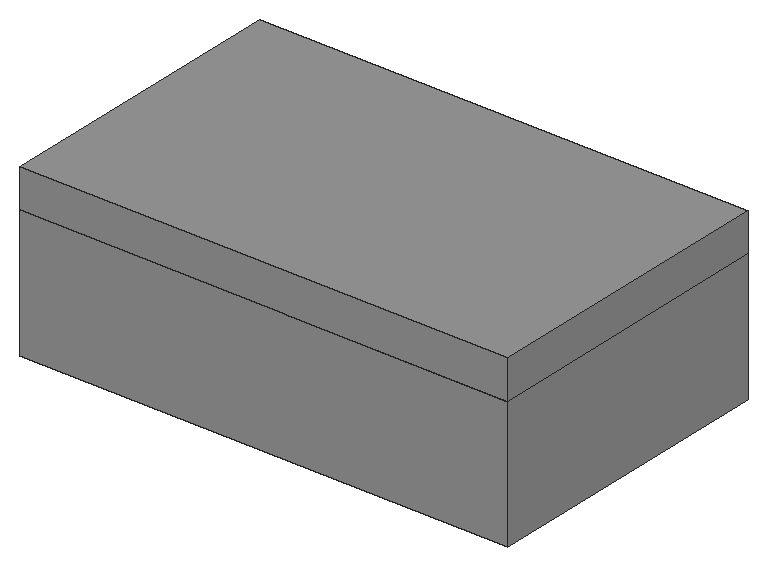
Revit family "Aluminiumleergehäuse-Mx 261609SGR", category Generic Models, Revit 2017
Family settings
  Can host rebar = No
  Round Connector Dimension = Use Diameter
  Part Type = Normal
  Work Plane-Based = No
  Always vertical = Yes
  Cut with Voids When Loaded = No
  Shared = No
  Room Calculation Point = No
Parameters (values of type "Mx 261609 SGR")
  Width = 160 mm
  URL = "http://www.obo-bettermann.com"
  Material = Aluminiumdruckguss
  Manufacturer Art.No. = "2011328"
  Manufacturer = "OBO BETTERMANN"
  Length = 260 mm
  Height = 90 mm
  GTIN = "4012196030880"
  Article Type = "Mx 261609 SGR"
Reference planes
  plane 1 "Center (Front/Back)": y = 0
  plane 2: z = 0
  plane 3 "Center (Left/Right)": x = 0
  plane 4: z = 69.4
  plane 5: z = 90
Forms (mm)
  Extrusion 1, solid, material "Aluminiumdruckguss" <- "Material"
    sketch origin (0, 0, 0) x (1, 0, 0) y (0, 1, 0)
      loop
        line (0, 0) -> (260, 0) -> (260, 160) -> (0, 160) -> (0, 0)
    from 0 to 69.4
  Extrusion 2, solid, material "Aluminiumdruckguss" <- "Material"
    sketch origin (0, 0, 0) x (1, 0, 0) y (0, 1, 0)
      loop
        line (0, 160) -> (0, 0) -> (260, 0) -> (260, 160) -> (0, 160)
    from 69.4 to 90
Dimensions and locks
  locked: Extrusion 1 sketch curve to Extrusion 1 sketch curve at 260
  locked: Extrusion 1 sketch curve to Extrusion 1 sketch curve at 160
  locked: plane 4 to Extrusion 1 at 69.4
  locked: Extrusion 1 to Extrusion 1 at 160
  locked: Extrusion 1 to Extrusion 1 at 260
  locked: plane 5 to plane 4 at 20.6
  aligned and locked: level to plane 2
  aligned and locked: plane 1 "Center (Front/Back)" to Extrusion 1
  aligned and locked: Extrusion 1 to plane 3 "Center (Left/Right)"
  aligned and locked: Extrusion 1 to plane 4
  aligned and locked: Extrusion 2 to Extrusion 1  (x3)
  aligned and locked: plane 1 "Center (Front/Back)" to Extrusion 2
  aligned and locked: Extrusion 2 to plane 3 "Center (Left/Right)"
  aligned and locked: plane 5 to Extrusion 2
